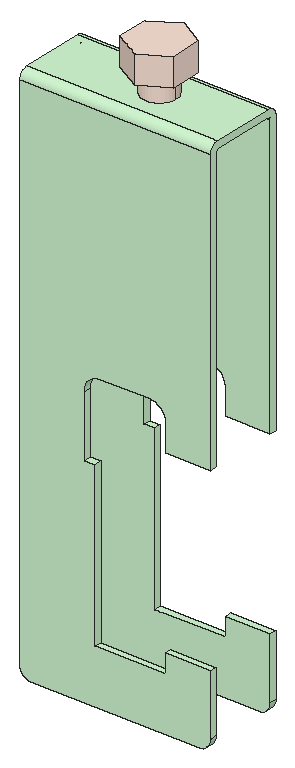
Revit family "channel_cross_system", category 機械設備, Revit 2022
Family settings
  丸型コネクタ寸法 = 直径を使用
  種別 = なし
  パーツ タイプ = 標準
  作業面ベース = いいえ
  常に垂直 = はい
  ロード時にボイドで切り取り = いいえ
  注釈の向きを維持 = いいえ
  共有 = いいえ
  部屋計算ポイント = いいえ
Parameters
  製造元 = "株式会社桐井製作所"
  既定の高さ = 0 mm
  URL = "https://www.kirii.co.jp/"
  K_材質 = "溶融亜鉛めっき鋼板及び鋼帯SGCC　一般用"
  K_品名 = "チャンネル直交金具システム用"
  K_名称 = "チャンネル直交金具"
  K_入数 = "250"
  K_バージョン情報 = "20220915"
  K_めっき付着量 = "Z12"
  K_JIS規格 = "JIS G 3302"
Reference planes
  plane 1 "中心(正面/背面)": y = 0
  plane 2: z = 0
  plane 3 "中心(左/右)": x = 0
Forms (mm)
  Extrusion 1, solid
    sketch origin (0, 0, 0) x (0, 1, 0) y (0, 0, 1)
      loop
        line (6.05, -0.6) -> (6.05, -95.8) -> (7.25, -95.8) -> (7.25, -0.4)
        arc (7.25, -0.4) -> (6.781, 0.731) -> (5.65, 1.2) r 1.6
        line (5.65, 1.2) -> (-5.65, 1.2)
        arc (-5.65, 1.2) -> (-6.781, 0.731) -> (-7.25, -0.4) r 1.6
        line (-7.25, -0.4) -> (-7.25, -95.8) -> (-6.05, -95.8) -> (-6.05, -0.6)
        arc (-6.05, -0.6) -> (-5.874, -0.176) -> (-5.45, 0) r 0.6
        line (-5.45, 0) -> (5.45, 0)
        arc (5.45, 0) -> (5.874, -0.176) -> (6.05, -0.6) r 0.6
    from -19 to 15
  Extrusion 2, void
    sketch origin (0, 0, 0) x (1, 0, 0) y (0, 0, 1)
      loop
        line (15, -82.8) -> (15, -50.8) -> (7, -50.8) -> (7, -46.1)
        arc (7, -46.1) -> (6.121, -43.979) -> (4, -43.1) r 3
        line (4, -43.1) -> (-4.5, -43.1)
        arc (-4.5, -43.1) -> (-6.621, -43.979) -> (-7.5, -46.1) r 3
        line (-7.5, -46.1) -> (-7.5, -57.1) -> (-5.6, -57.1) -> (-5.6, -86.1) -> (7, -86.1) -> (7, -82.8) -> (15, -82.8)
    from 6.05 to 7.25
  Extrusion 3, void
    sketch origin (0, 15.1, 0) x (1, 0, 0) y (0, 0, 1)
      loop
        line (15, -82.8) -> (15, -50.8) -> (7, -50.8) -> (7, -46.1)
        arc (7, -46.1) -> (6.121, -43.979) -> (4, -43.1) r 3
        line (4, -43.1) -> (-4.5, -43.1)
        arc (-4.5, -43.1) -> (-6.621, -43.979) -> (-7.5, -46.1) r 3
        line (-7.5, -46.1) -> (-7.5, -57.1) -> (-5.6, -57.1) -> (-5.6, -86.1) -> (7, -86.1) -> (7, -82.8) -> (15, -82.8)
    from 7.85 to 9.05
  Extrusion 4, void
    sketch origin (0, 0, 0) x (1, 0, 0) y (0, 0, 1)
      loop
        line (-19, -93.8) -> (-19, -95.8) -> (-17, -95.8)
        arc (-17, -95.8) -> (-18.414, -95.214) -> (-19, -93.8) r 2
      loop
        line (13, -95.8) -> (15, -95.8) -> (15, -93.8)
        arc (15, -93.8) -> (14.414, -95.214) -> (13, -95.8) r 2
    from 6.05 to 7.25
  Extrusion 5, void
    sketch origin (0, 15.1, 0) x (1, 0, 0) y (0, 0, 1)
      loop
        line (-19, -93.8) -> (-19, -95.8) -> (-17, -95.8)
        arc (-17, -95.8) -> (-18.414, -95.214) -> (-19, -93.8) r 2
      loop
        line (13, -95.8) -> (15, -95.8) -> (15, -93.8)
        arc (15, -93.8) -> (14.414, -95.214) -> (13, -95.8) r 2
    from 7.85 to 9.05
  Extrusion 6, solid
    sketch origin (0, 0, 0) x (1, 0, 0) y (0, 1, 0)
      loop
        circle (0.048, 0) r 4.2
      loop
        circle (0.048, 0) r 3
    from -1.4 to 0
  Extrusion 7, void
    sketch origin (0, 0, 0) x (1, 0, 0) y (0, 1, 0)
      loop
        circle (0.048, 0) r 3
    from -1.4 to 1.2
Cuts and joins
  Extrusion 2, Extrusion 3, Extrusion 4, Extrusion 5, Extrusion 7 cuts Extrusion 1
  Extrusion 7 cuts Extrusion 6
  joined: Extrusion 1, Extrusion 6
Dimensions and locks
  aligned and locked: level to plane 2
Nested families
  nested 1: "六角ボルトM6×20" at (0, -0.2, 9.8) x (1, 0, 0) z (0, -1, 0.0001), type "六角ボルトM6×20"
Definition of nested family "六角ボルトM6×20"
  Parameters (values of type "六角ボルトM6×20")
    Manufacturer = "株式会社桐井製作所"
    Default Elevation = 0 mm
    URL = "https://www.kirii.co.jp/"
    K_名称 = "六角ボルトM6×20"
  Reference planes
    plane 1 "中心(正面/背面)": y = 0
    plane 2: z = 0
    plane 3 "中心(左/右)": x = 0
    plane 4 "正面": y = -5
  Forms (mm)
    Extrusion 1, solid
      sketch origin (0, 0, 0) x (1, 0, 0) y (0, 0, 1)
        loop
          line (-4.763, -2.946) -> (0, -5.696) -> (4.763, -2.946) -> (4.763, 2.554) -> (0, 5.304) -> (-4.763, 2.554) -> (-4.763, -2.946)
      from 0 to 5
    Extrusion 2, solid
      sketch origin (0, 0, 0) x (1, 0, 0) y (0, 0, 1)
        loop
          circle (-0.011, -0.2) r 3
      from 5 to 20
  Cuts and joins
    joined: Extrusion 1, Extrusion 2
  Dimensions and locks
    aligned and locked: level to plane 2
